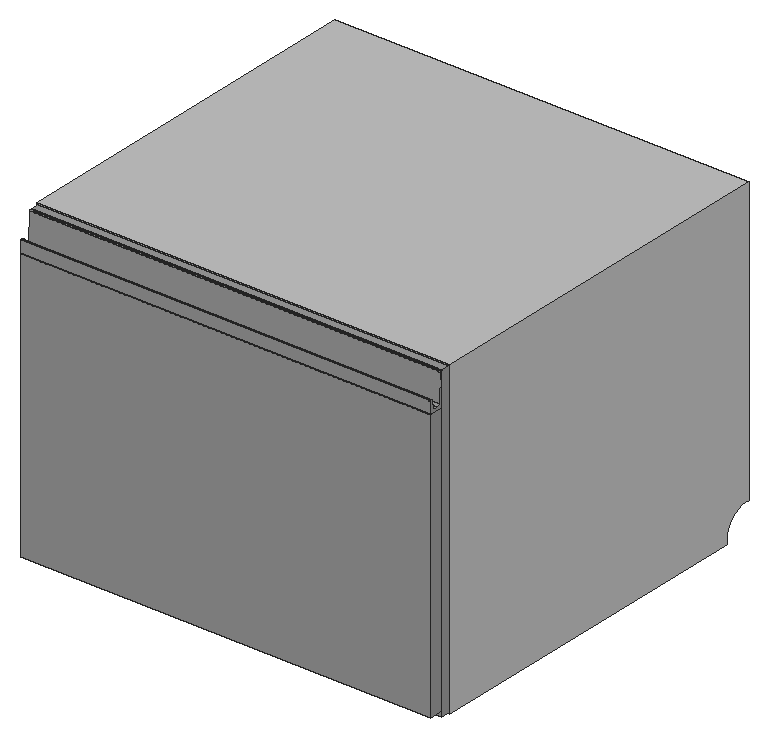
Revit family "FP-Revit20-DD24ST4NX9-Dishdrawer-0-90004787A-US-CA", category Specialty Equipment, Revit 2020
Family settings
  Round Connector Dimension = Use Diameter
  Part Type = Normal
  OmniClass Number = 23.45.00.00
  OmniClass Title = Sanitary, Laundry, and Cleaning Equipment
  Work Plane-Based = Yes
  Always vertical = No
  Cut with Voids When Loaded = Yes
  Shared = No
  Room Calculation Point = No
Parameters (values of type "DD24ST4NX9")
  URL = "www.fisherpaykel.com"
  Product - Width = 599 mm  # constant formula
  Product - Height = 453 mm  # constant formula
  Product - Depth = 573 mm  # constant formula
  Model = "DD24ST4NX9"
  Material - Handle = Fisher & Paykel - Stainless Steel
  Material - Door Panel = Fisher & Paykel - Stainless Steel
  Material - Body = Fisher & Paykel - Grey
  Manufacturer = "Fisher & Paykel Appliances"
  Description = "Series 9, Tall Single DishDrawer™ Dishwasher"
  Default Elevation = 1219.2 mm
  Connector note - Electrical = "100 - 120V, 60Hz, 10 A"
  Cavity - Width = 600 mm  # constant formula
  Cavity - Height = 456 mm  # constant formula
  Cavity - Depth = 580 mm  # constant formula
Reference planes
  plane 1 "Center (Front/Back)": y = 0
  plane 2: z = 0
  plane 3 "Center (Left/Right)": x = 0
  plane 4: x = 299.5
  plane 5: x = -299.5
  plane 6: y = 573
  plane 7: z = 453
  plane 8: y = 580
  plane 9: z = 456
  plane 10: x = -300
  plane 11: x = 300
  plane 12: x = 297.5
  plane 13: y = 564
  plane 14: y = 559.05
  plane 15: y = 549
  plane 16: y = 531
  plane 17: z = 32.846
  plane 18: x = -288.5
  plane 19: x = 288.5
  plane 20: y = 529.05
  plane 21: z = 2.852
  plane 22: x = -229.8
  plane 23: x = -91.5
  plane 24: x = -202.3
Forms (mm)
  Extrusion 1, solid, material "Fisher & Paykel - Clearance Required", detail levels coarse
    sketch origin (0, 0, 0) x (1, 0, 0) y (0, 1, 0)
      loop
        line (300, 580) -> (-300, 580) -> (-300, 0) -> (300, 0) -> (300, 580)
    from 0 to 456
  Extrusion 2, solid, material "Fisher & Paykel - Grey" <- "Material - Body"
    sketch origin (299.5, 283.075, 4000) x (0, -1, 0) y (0, 0, 1)
      loop
        arc (-285.875, -3960.7) -> (-260.914, -3971.039) -> (-250.575, -3996) r 35.3
        line (-250.575, -3996) -> (-250.575, -4000) -> (250.575, -4000) -> (250.575, -3547) -> (-289.925, -3547) -> (-289.925, -3960.7) -> (-285.875, -3960.7)
    from 0 to 599
  Extrusion 3, solid, material "Fisher & Paykel - Stainless Steel" <- "Material - Door Panel"
    sketch origin (-297.5, 571.5, 0) x (0, -1, 0) y (0, 0, 1)
      loop
        line (539, 0.7) -> (551.5, 0.7) -> (551.5, 451.7) -> (539, 451.7) -> (539, 0.7)
    from 0 to -595
  Extrusion 4, solid, material "Fisher & Paykel - Stainless Steel" <- "Material - Door Panel"
    sketch origin (-297.5, 9.7, 8.9) x (0, 0, 1) y (0, 1, 0)
      loop
        line (0, 10.3) -> (0, -9.7) -> (393.5, -9.7) -> (393.5, 10.3) -> (0, 10.3)
    from 0 to -595
  Extrusion 5, solid, material "Fisher & Paykel - Stainless Steel" <- "Material - Handle"
    sketch origin (-297.5, 9.7, 8.9) x (0, 0, 1) y (0, 1, 0)
      loop
        arc (410.4, -9.2) -> (410.824, -9.024) -> (411, -8.6) r 0.6
        line (411, -8.6) -> (411, -7.731)
        arc (411, -7.731) -> (410.849, -7.333) -> (410.473, -7.135) r 0.6
        line (410.473, -7.135) -> (400.134, -5.866)
        arc (400.134, -5.866) -> (398.253, -4.876) -> (397.5, -2.888) r 3
        line (397.5, -2.888) -> (397.5, 3.549)
        arc (397.5, 3.549) -> (398.342, 5.633) -> (400.395, 6.547) r 3
        line (400.395, 6.547) -> (441.421, 7.98)
        arc (441.421, 7.98) -> (441.832, 8.163) -> (442, 8.579) r 0.6
        line (442, 8.579) -> (442, 9.7)
        arc (442, 9.7) -> (441.824, 10.124) -> (441.4, 10.3) r 0.6
        line (441.4, 10.3) -> (393.5, 10.3) -> (393.5, -9.2) -> (410.4, -9.2)
    from 0 to -595
  Extrusion 6, void
    sketch origin (0, 0, 0) x (0, 1, 0) y (0, 0, 1)
      loop
        line (529.85, 38.567) -> (529.85, 0) -> (573, 0) -> (573, 42.298) -> (529.85, 38.567)
    from -288.5 to 288.5
  Extrusion 7, solid, material "Fisher & Paykel - Grey" <- "Material - Body"
    sketch origin (0, 529.85, 0) x (0, 0, 1) y (1, 0, 0)
      loop
        line (32.103, -36.1) -> (12.102, -36.1)
        arc (12.102, -36.1) -> (10.688, -36.686) -> (10.102, -38.1) r 2
        line (10.102, -38.1) -> (10.102, -58.1)
        arc (10.102, -58.1) -> (10.688, -59.514) -> (12.102, -60.1) r 2
        line (12.102, -60.1) -> (32.103, -60.1)
        arc (32.103, -60.1) -> (33.517, -59.514) -> (34.102, -58.1) r 2
        line (34.102, -58.1) -> (34.102, -38.1)
        arc (34.102, -38.1) -> (33.517, -36.686) -> (32.103, -36.1) r 2
    from 0 to 1.15
  Extrusion 8, solid, material "Fisher & Paykel - Grey" <- "Material - Body"
    sketch origin (0, 531, 0) x (0, 0, 1) y (1, 0, 0)
      loop
        arc (22.786, -40.631) -> (14.61, -47.758) -> (22.103, -55.6) r 7.5
        arc (22.103, -55.6) -> (29.595, -48.442) -> (22.786, -40.631) r 7.5
    from 0 to 18
  Extrusion 9, solid, material "Fisher & Paykel - Grey" <- "Material - Body"
    sketch origin (0, 549, 0) x (0, 0, 1) y (1, 0, 0)
      loop
        circle (22.103, -48.1) r 3.52
    from 0 to 15
  Extrusion 10, solid, material "Fisher & Paykel - Grey" <- "Material - Body"
    sketch origin (-91.5, 571.5, 0) x (0, 0, 1) y (0, -1, 0)
      loop
        line (14.688, 41.65) -> (32.846, 21.84) -> (32.846, 41.65) -> (14.688, 41.65)
    from 0 to -110.8
  Extrusion 11, solid, material "Fisher & Paykel - Grey" <- "Material - Body"
    sketch origin (0, 571.5, 2.852) x (0, -1, 0) y (1, 0, 0)
      loop
        circle (14.842, -131) r 8.5
    from 0 to 29.993
  Extrusion 12, solid, material "Fisher & Paykel - Grey" <- "Material - Body"
    sketch origin (0, 559.05, 0) x (0, 0, 1) y (1, 0, 0)
      loop
        circle (23.399, -213.9) r 5
    from 0 to -30
  Extrusion 13, solid, material "Fisher & Paykel - Grey" <- "Material - Body"
    sketch origin (-229.8, 571.5, 0) x (0, -1, 0) y (0, 0, 1)
      loop
        line (41.65, 38.567) -> (0.567, 42.618) -> (0.567, 38.341)
        arc (0.567, 38.341) -> (2.094, 34.537) -> (5.827, 32.846) r 5.5
        line (5.827, 32.846) -> (41.65, 32.846) -> (41.65, 38.567)
    from 0 to -138.3
  Extrusion 14, solid, material "Fisher & Paykel - Grey" <- "Material - Body"
    sketch origin (0, 529.85, 38.567) x (0, 0, -1) y (-1, 0, 0)
      loop
        line (10.667, -215.192) -> (10.667, -220.5) -> (23.867, -220.5) -> (23.867, -215.192)
        arc (23.867, -215.192) -> (32.467, -201.5) -> (23.867, -187.808) r 15.2
        line (23.867, -187.808) -> (23.867, -182.5) -> (10.667, -182.5) -> (10.667, -187.808)
        arc (10.667, -187.808) -> (2.067, -201.5) -> (10.667, -215.192) r 15.2
      loop
        circle (18.767, 15) r 11
    from 0 to -0.8
  Extrusion 15, void, detail levels coarse
    sketch origin (0, 0, 0) x (1, 0, 0) y (0, 1, 0)
      loop
        line (300, 580) -> (-300, 580) -> (-300, 0) -> (300, 0) -> (300, 580)
    from 0 to 456
  Extrusion 16, solid, material "Fisher & Paykel - Clearance Required", detail levels coarse
    sketch origin (0, 0, 0) x (0, 1, 0) y (0, 0, 1)
      loop
        line (-547, 451.7) -> (-547, 8.9) -> (20, 8.9) -> (20, 451.7) -> (-547, 451.7)
    from -298 to 298
Cuts and joins
  Extrusion 6 cuts Extrusion 2
Dimensions and locks
  equal spacing: plane 5, plane 3 "Center (Left/Right)", plane 4, locked at 299.5 each
  "Product - Depth": plane 1 "Center (Front/Back)" to plane 6
  "Product - Width": plane 5 to plane 4
  "Product - Height": plane 7 to level
  "Cavity - Depth": plane 1 "Center (Front/Back)" to plane 8
  "Cavity - Height": plane 9 to level
  "Cavity - Width": plane 10 to plane 11
  aligned and locked: level to plane 2
  aligned and locked: Extrusion 1 sketch curve to plane 8
  aligned and locked: Extrusion 1 sketch curve to plane 10
  aligned and locked: Extrusion 1 sketch curve to plane 1 "Center (Front/Back)"
  aligned and locked: plane 11 to Extrusion 1 sketch curve
  aligned and locked: plane 9 to Extrusion 1
  aligned and locked: Extrusion 3 to Extrusion 4 sketch curve
  aligned and locked: Extrusion 3 to Extrusion 5 sketch curve
  aligned and locked: Extrusion 4 to Extrusion 5 sketch curve
  aligned and locked: Extrusion 6 sketch curve to Extrusion 2
  aligned and locked: Extrusion 1 to Extrusion 6 sketch curve
  aligned and locked: Extrusion 9 to plane 13
  aligned and locked: Extrusion 12 to plane 14
  aligned and locked: Extrusion 9 to Extrusion 8
  aligned and locked: Extrusion 8 to plane 15
  aligned and locked: Extrusion 8 to Extrusion 7
  aligned and locked: Extrusion 7 to plane 16
  aligned and locked: plane 19 to Extrusion 6
  aligned and locked: Extrusion 6 to plane 18
  aligned and locked: Extrusion 14 to Extrusion 12
  aligned and locked: Extrusion 11 to plane 21
  aligned and locked: Extrusion 13 to plane 22
  aligned and locked: Extrusion 13 to Extrusion 10
  aligned and locked: plane 23 to Extrusion 10
  aligned and locked: Extrusion 10 to plane 24
  aligned and locked: Extrusion 10 sketch curve to Extrusion 13
  aligned and locked: Extrusion 13 to Extrusion 10 sketch curve
  aligned and locked: Extrusion 16 sketch curve to Extrusion 4
  aligned and locked: Extrusion 3 to Extrusion 16 sketch curve
Automatic sketch dimensions
  Extrusion 2 sketch curve to plane 6 = 0 mm
  Extrusion 2 sketch curve to level = 0 mm
  Extrusion 2 sketch curve to plane 7 = 0 mm
  Extrusion 2 sketch curve to plane 6 = 4.05 mm
  plane 21 to Extrusion 2 sketch curve = 1.148 mm
  Extrusion 2 sketch curve to plane 16 = 2.65 mm
  Extrusion 2 sketch curve to plane 1 "Center (Front/Back)" = 32.5 mm
  Extrusion 3 sketch curve to plane 7 = 1.3 mm
  Extrusion 3 sketch curve to plane 1 "Center (Front/Back)" = 32.5 mm
  Extrusion 3 sketch curve to Extrusion 3 sketch curve = 12.5 mm
  level to Extrusion 3 sketch curve = 0.7 mm
  Extrusion 4 sketch curve to plane 1 "Center (Front/Back)" = 0 mm
  plane 21 to Extrusion 4 sketch curve = 6.048 mm
  Extrusion 4 sketch curve to plane 7 = 50.6 mm
  Extrusion 4 to Extrusion 5 sketch curve = 4 mm
  Extrusion 5 sketch curve to Extrusion 4 = 3.834 mm
  Extrusion 5 sketch curve to Extrusion 5 sketch curve = 2.634 mm
  Extrusion 5 sketch curve to Extrusion 5 sketch curve = 2.895 mm
  Extrusion 5 sketch curve to Extrusion 5 sketch curve = 3 mm  (x2)
  Extrusion 5 sketch curve to Extrusion 4 = 1.1 mm
  Extrusion 5 sketch curve to Extrusion 5 sketch curve = 10.266 mm
  Extrusion 5 sketch curve to Extrusion 5 sketch curve = 0 mm  (x3)
  Extrusion 5 sketch curve to Extrusion 4 = 2.565 mm
  Extrusion 5 sketch curve to Extrusion 5 sketch curve = 0.073 mm
  Extrusion 5 sketch curve to Extrusion 5 sketch curve = 0.6 mm  (x2)
  Extrusion 5 sketch curve to Extrusion 4 = 0.6 mm
  Extrusion 5 sketch curve to Extrusion 5 sketch curve = 30.4 mm
  Extrusion 5 sketch curve to Extrusion 4 = 2.32 mm
  Extrusion 5 sketch curve to Extrusion 5 sketch curve = 0.021 mm
  Extrusion 5 sketch curve to Extrusion 5 sketch curve = 6.437 mm
  plane 20 to Extrusion 6 sketch curve = 0.8 mm
  Extrusion 6 sketch curve to plane 17 = 5.721 mm
  Extrusion 6 sketch curve to plane 17 = 9.453 mm
  plane 21 to Extrusion 7 sketch curve = 7.251 mm
  Extrusion 7 sketch curve to Extrusion 7 sketch curve = 2 mm  (x2)
  plane 17 to Extrusion 7 sketch curve = 0.743 mm  (x2)
  Extrusion 7 sketch curve to plane 17 = 1.257 mm
  plane 23 to Extrusion 7 sketch curve = 31.4 mm
  Extrusion 7 sketch curve to Extrusion 7 sketch curve = 20 mm
  Extrusion 8 sketch curve to Extrusion 8 sketch curve = 0 mm  (x2)
  Extrusion 8 sketch curve to Extrusion 7 = 12 mm  (x2)
  Extrusion 8 sketch curve to Extrusion 8 sketch curve = 0.683 mm
  Extrusion 8 sketch curve to Extrusion 7 = 4.5 mm
  plane 17 to Extrusion 13 sketch curve = 0 mm
  Extrusion 13 sketch curve to plane 6 = 2.067 mm
  Extrusion 13 sketch curve to plane 13 = 1.673 mm
  Extrusion 13 sketch curve to plane 13 = 1.433 mm
  plane 20 to Extrusion 13 sketch curve = 0.8 mm
  Extrusion 13 sketch curve to Extrusion 13 sketch curve = 5.721 mm
  Extrusion 13 sketch curve to Extrusion 13 sketch curve = 4.277 mm
  Extrusion 14 sketch curve to Extrusion 14 sketch curve = 0 mm  (x4)
  Extrusion 6 to Extrusion 14 sketch curve = 10.667 mm  (x2)
  Extrusion 14 sketch curve to Extrusion 14 sketch curve = 6.6 mm
  Extrusion 6 to Extrusion 14 sketch curve = 18.767 mm
  Extrusion 14 sketch curve to Extrusion 14 sketch curve = 13.2 mm  (x2)
  Extrusion 6 to Extrusion 14 sketch curve = 68 mm
  Extrusion 14 sketch curve to Extrusion 14 sketch curve = 5.308 mm  (x3)
  Extrusion 14 sketch curve to Extrusion 14 sketch curve = 13.692 mm
  Extrusion 14 sketch curve to Extrusion 14 sketch curve = 197.5 mm
  Extrusion 14 sketch curve to Extrusion 14 sketch curve = 11 mm
  plane 8 to Extrusion 15 sketch curve = 0 mm
  plane 1 "Center (Front/Back)" to Extrusion 15 sketch curve = 0 mm
  Extrusion 15 sketch curve to plane 10 = 0 mm
  plane 3 "Center (Left/Right)" to Extrusion 15 sketch curve = 300 mm
  Extrusion 10 sketch curve to plane 15 = 0.66 mm
  plane 21 to Extrusion 10 sketch curve = 11.837 mm
  plane 21 to Extrusion 16 sketch curve = 6.048 mm
  plane 1 "Center (Front/Back)" to Extrusion 16 sketch curve = 547 mm
  radius of Extrusion 9 sketch curve to Extrusion 8 = 3.98 mm
Connectors
  electrical at (-213.9, 559.05, 23.399), driven by "Connector note - Electrical"
    settings: on Extrusion 12, index 1, voltage 0 V, apparent load 0 VA, apparent load phase1 0 VA, apparent load phase2 0 VA, apparent load phase3 0 VA, power factor 1, load classification "Other", number of poles 1, system type 31, power factor state 1, is connector primary yes, connector utility no, sub classification motor no, connector description "100 - 120V, 60Hz, 10 A"
